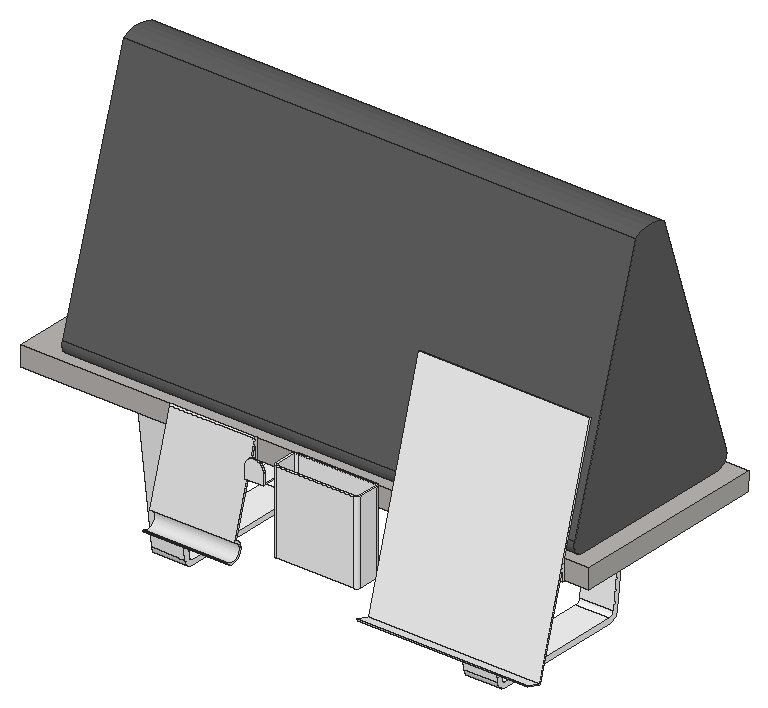
Revit family "Storage-Mounted-Teknion-JNMES-Elevated_Desk_Shelf-R20161", category Furniture, Revit 2016
Family settings
  OmniClass Number = 23.40.20.00
  OmniClass Title = General Furniture and Specialties
  Work Plane-Based = No
  Always vertical = Yes
  Cut with Voids When Loaded = No
  Shared = Yes
  Room Calculation Point = No
Parameters (values of type "Angled, 7" High")
  Width of Tackable Felt Unit [instance] = 27.000"
  Width [instance] = 30.000"
  Warranty = "http://www.teknion.com/ca/papers/legal-canada"
  Unit Weight URL = "http://www.teknion.com/ca/tools/assets#&asset=bee6a381-b954-425e-8283-5a2de3a804f2,f828d448-4b62-4231-9e5f-9a8991c0ed77"
  URL = "www.teknion.com"
  Tackable Felt Unit Offset from Left Side [instance] = 2.000"
  Tackable Felt Unit - Available Widths [instance] = "27, 36, 42 inches."  # constant formula
  Tablet Holder Offset from Left Side [instance] = 19.6875"
  Sustainability Data = "http://www.teknion.com/ca/tools/assets#&topic=216f99a5-57a0-44fc-b10a-9dee9b29ae4c&asset=444deb64-fe58-4b68-981e-f75e97781df7"
  Support Frame Finish [instance] = Mica - Teknion - V - Satin - Very White
  Shelf Finish [instance] = Source Laminate - Teknion - XS - Storm White
  Shelf - Available Widths [instance] = "Available Widths range from 30 to 84 inches in 6 inch increments."  # constant formula
  Series = "Expansion Cityline"  # constant formula
  Product Page URL = "http://www.teknion.com/ca/products/product-details?productlineid=9ad2a26e-8e7a-673b-a6c8-ff05004460c4"
  Product Line = "Expansion Cityline"  # constant formula
  Product Documentation Link = "http://www.teknion.com/pricing/expansion-cityline/pdfs/JNMES_ppg.pdf"
  Pencil Cup Holder Offset from Left Side [instance] = 14.500"
  Part Number = "JNMES"  # constant formula
  Notepad Offset from Left Side [instance] = 8.000"
  Notepad Finish [instance] = Plastic-Teknion-Whiteboard
  Shelf - Available Depths [instance] = "Available Depths are 11 and 16 inches."  # constant formula
  Model = "JNMESA07__"
  Manufacturer Phone = "416-661-3370"  # constant formula
  Manufacturer Fax = "416.661.4586"  # constant formula
  Manufacturer Contact Information = "http://www.teknion.com/ca/contactus"
  Manufacturer Address = "1150 Flint Road, Toronto, ON. M3J 2J5. Canada"  # constant formula
  Manufacturer = "Teknion"  # constant formula
  Has Tackable Felt Unit [instance] = yes
  Has Side B Tablet Holder [instance] = no
  Has Side B Pencil Holder [instance] = no
  Has Side B Notepad [instance] = no
  Has Side B Earphone Hook [instance] = no
  Has Side A Notepad [instance] = yes
  Height [instance] = 37.486"
  Has Side A Tablet Holder [instance] = yes
  Has Side A Pencil Holder [instance] = yes
  Has Side A Earphone Hook [instance] = yes
  Felt Finish [instance] = Fabric-Teknion-RB11-Carbon
  Earphone Hook Offset from Left Side [instance] = 13.000"
  Description = "Elevated Desk Shelf, Angled, 7\" Height"
  Depth [instance] = 11.000"
  Assembly Code = "E2020200"
  Actual Depth [instance] = Depth - 0.500"  # 10.500"
  Accessory Finish [instance] = Mica - Teknion - V - Satin - Very White
Reference planes (in)
  plane 1 "Center Front/Back": y = -7.83798
  plane 2: z = 0
  plane 3 "Center Left/Right": x = -11.56455
  plane 4 "Left": x = 3.43545
  plane 5 "Right": x = -26.56455
  plane 6 "Back": y = -13.08798
  plane 7 "Front": y = -2.58798
  plane 8 "Top": z = 37.486
  plane 9: z = 29.00025
  plane 10: x = -20.70038
  plane 11: x = -2.42873
  plane 12: x = -18.92873
  plane 13: x = -4.20038
  plane 14: x = -18.56455
  plane 15: x = -14.10392
  plane 16: x = -6.87705
  plane 17: x = 2.12295
  plane 18: x = -13.56455
  plane 19: x = -12.56455
  plane 20: x = -12.56455
  plane 21: x = -13.56455
Forms (in)
  Extrusion 1, solid, material "Source Laminate - Teknion - XS - Storm White" <- "Shelf Finish"
    sketch origin (-11.56455, -7.83798, 37.486) x (1, 0, 0) y (0, 1, 0)
      loop
        line (15, -5.25) -> (15, 5.25) -> (-15, 5.25) -> (-15, -5.25) -> (15, -5.25)
    from 0 to -1.01575
  Extrusion 2, solid, material "Mica - Teknion - V - Satin - Very White" <- "Support Frame Finish"
    sketch origin (-11.56455, 0, 0) x (0, -1, 0) y (0, 0, 1)
      loop
        line (12.63907, 36.47025) -> (3.03689, 36.47025) -> (3.90166, 29.42722)
        arc (3.90166, 29.42722) -> (4.06208, 29.12231) -> (4.38426, 29.00025) r 0.48622
        line (4.38426, 29.00025) -> (11.29169, 29.00025)
        arc (11.29169, 29.00025) -> (11.61387, 29.12231) -> (11.77429, 29.42722) r 0.48622
        line (11.77429, 29.42722) -> (12.63907, 36.47025)
      loop
        line (11.52764, 29.46978) -> (12.37269, 36.35214) -> (3.30327, 36.35214) -> (4.14831, 29.46978)
        arc (4.14831, 29.46978) -> (4.2308, 29.31301) -> (4.39645, 29.25025) r 0.25
        line (4.39645, 29.25025) -> (11.2795, 29.25025)
        arc (11.2795, 29.25025) -> (11.44516, 29.31301) -> (11.52764, 29.46978) r 0.25
    from 7.36417 to 9.13583
  Extrusion 3, solid, material "Mica - Teknion - V - Satin - Very White" <- "Support Frame Finish"
    sketch origin (-11.56455, -7.83798, 0) x (0, -1, 0) y (0, 0, -1)
      loop
        line (4.80109, -36.47025) -> (3.93631, -29.42722)
        arc (3.93631, -29.42722) -> (3.7759, -29.12231) -> (3.45372, -29.00025) r 0.48622
        line (3.45372, -29.00025) -> (-3.45372, -29.00025)
        arc (-3.45372, -29.00025) -> (-3.7759, -29.12231) -> (-3.93631, -29.42722) r 0.48622
        line (-3.93631, -29.42722) -> (-4.80109, -36.47025) -> (4.80109, -36.47025)
      loop
        arc (3.68966, -29.46978) -> (3.60718, -29.31301) -> (3.44153, -29.25025) r 0.25
        line (3.44153, -29.25025) -> (-3.44153, -29.25025)
        arc (-3.44153, -29.25025) -> (-3.60718, -29.31301) -> (-3.68966, -29.46978) r 0.25
        line (-3.68966, -29.46978) -> (-4.53471, -36.35214) -> (4.53471, -36.35214) -> (3.68966, -29.46978)
    from 7.36417 to 9.13583
  Extrusion 4, solid, material "Fabric-Teknion-RB11-Carbon" <- "Felt Finish", visible <- "Has Tackable Felt Unit"
    sketch origin (-20.70038, -3.03689, 48) x (0, 1, 0) y (0, 0, 1)
      loop
        arc (-9.77273, -9.74264) -> (-9.68778, -10.27128) -> (-9.21054, -10.514) r 0.59055
        line (-9.21054, -10.514) -> (-0.33917, -10.514)
        arc (-0.33917, -10.514) -> (0.13873, -10.27038) -> (0.22233, -9.74051) r 0.59055
        line (0.22233, -9.74051) -> (-3.87836, 2.84621)
        arc (-3.87836, 2.84621) -> (-4.81073, 3.05969) -> (-5.73478, 2.81268) r 1.98638
        line (-5.73478, 2.81268) -> (-9.77273, -9.74264)
    from 23.13583 to -3.86417
  Extrusion 5, solid, material "Plastic-Teknion-Whiteboard" <- "Notepad Finish", visible <- "Has Side A Notepad"
    sketch origin (-11.56455, 0, 0) x (0, -1, 0) y (0, 0, 1)
      loop
        line (11.58798, 36.47025) -> (11.58798, 36.39545) -> (13.16278, 36.39545) -> (13.16278, 37.486) -> (14.44362, 33.21674)
        arc (14.44362, 33.21674) -> (14.23145, 32.45641) -> (15.01538, 32.36389) r 0.51959
        line (15.01538, 32.36389) -> (14.96466, 32.41887)
        arc (14.96466, 32.41887) -> (14.27667, 32.52537) -> (14.53521, 33.17177) r 0.44478
        line (14.53521, 33.17177) -> (13.23443, 37.5075)
        arc (13.23443, 37.5075) -> (13.15192, 37.56001) -> (13.08798, 37.486) r 0.0748
        line (13.08798, 37.486) -> (13.08798, 36.47025) -> (11.58798, 36.47025)
    from 2.53937 to 7
  Extrusion 6, solid, material "Mica - Teknion - V - Satin - Very White" <- "Accessory Finish", visible <- "Has Side A Tablet Holder"
    sketch origin (-11.56455, 0, 0) x (0, -1, 0) y (0, 0, 1)
      loop
        line (13.16278, 36.39545) -> (13.16278, 37.23667) -> (14.67151, 32.20782) -> (15.46341, 32.4454) -> (15.4849, 32.51705) -> (14.72166, 32.30096) -> (11.39439, 43.39134) -> (11.32274, 43.36984) -> (13.08798, 37.486) -> (13.08798, 36.47025) -> (11.58798, 36.47025) -> (11.58798, 36.39545) -> (13.16278, 36.39545)
    from -13.6875 to -4.6875
  Extrusion 7, solid, material "Mica - Teknion - V - Satin - Very White" <- "Accessory Finish", visible <- "Has Side A Pencil Holder"
    sketch origin (-11.56455, -7.83798, 37.48575) x (1, 0, 0) y (0, 1, 0)
      loop
        arc (3.76378, -6.63189) -> (3.85008, -6.59614) -> (3.88583, -6.50984) r 0.12205
        line (3.88583, -6.50984) -> (3.88583, -5.44685)
        arc (3.88583, -5.44685) -> (3.85008, -5.36055) -> (3.76378, -5.3248) r 0.12205
        line (3.76378, -5.3248) -> (-0.30315, -5.3248)
        arc (-0.30315, -5.3248) -> (-0.38945, -5.36055) -> (-0.4252, -5.44685) r 0.12205
        line (-0.4252, -5.44685) -> (-0.4252, -6.50984)
        arc (-0.4252, -6.50984) -> (-0.38945, -6.59614) -> (-0.30315, -6.63189) r 0.12205
        line (-0.30315, -6.63189) -> (3.76378, -6.63189)
      loop
        line (-0.30315, -6.70669) -> (3.76378, -6.70669)
        arc (3.76378, -6.70669) -> (3.90297, -6.64904) -> (3.96063, -6.50984) r 0.19685
        line (3.96063, -6.50984) -> (3.96063, -5.44685)
        arc (3.96063, -5.44685) -> (3.90297, -5.30766) -> (3.76378, -5.25) r 0.19685
        line (3.76378, -5.25) -> (-0.30315, -5.25)
        arc (-0.30315, -5.25) -> (-0.44234, -5.30766) -> (-0.5, -5.44685) r 0.19685
        line (-0.5, -5.44685) -> (-0.5, -6.50984)
        arc (-0.5, -6.50984) -> (-0.44234, -6.64904) -> (-0.30315, -6.70669) r 0.19685
    from -4.25172 to 0.07899
  Extrusion 8, solid, material "Mica - Teknion - V - Satin - Very White" <- "Accessory Finish", visible <- "Has Side B Pencil Holder"
    sketch origin (-11.56455, -7.83798, 37.48575) x (1, 0, 0) y (0, 1, 0)
      loop
        line (3.76378, 6.63189) -> (-0.30315, 6.63189)
        arc (-0.30315, 6.63189) -> (-0.38945, 6.59614) -> (-0.4252, 6.50984) r 0.12205
        line (-0.4252, 6.50984) -> (-0.4252, 5.44685)
        arc (-0.4252, 5.44685) -> (-0.38945, 5.36055) -> (-0.30315, 5.3248) r 0.12205
        line (-0.30315, 5.3248) -> (3.76378, 5.3248)
        arc (3.76378, 5.3248) -> (3.85008, 5.36055) -> (3.88583, 5.44685) r 0.12205
        line (3.88583, 5.44685) -> (3.88583, 6.50984)
        arc (3.88583, 6.50984) -> (3.85008, 6.59614) -> (3.76378, 6.63189) r 0.12205
      loop
        arc (-0.30315, 6.70669) -> (-0.44234, 6.64904) -> (-0.5, 6.50984) r 0.19685
        line (-0.5, 6.50984) -> (-0.5, 5.44685)
        arc (-0.5, 5.44685) -> (-0.44234, 5.30766) -> (-0.30315, 5.25) r 0.19685
        line (-0.30315, 5.25) -> (3.76378, 5.25)
        arc (3.76378, 5.25) -> (3.90297, 5.30766) -> (3.96063, 5.44685) r 0.19685
        line (3.96063, 5.44685) -> (3.96063, 6.50984)
        arc (3.96063, 6.50984) -> (3.90297, 6.64904) -> (3.76378, 6.70669) r 0.19685
        line (3.76378, 6.70669) -> (-0.30315, 6.70669)
    from -4.25172 to 0.07899
  Extrusion 9, solid, material "Mica - Teknion - V - Satin - Very White" <- "Accessory Finish", visible <- "Has Side B Tablet Holder"
    sketch origin (-11.56455, -15.67595, 0) x (0, 1, 0) y (0, 0, -1)
      loop
        line (13.16278, -36.39545) -> (11.58798, -36.39545) -> (11.58798, -36.47025) -> (13.08798, -36.47025) -> (13.08798, -37.486) -> (11.32274, -43.36984) -> (11.39439, -43.39134) -> (14.72166, -32.30096) -> (15.4849, -32.51705) -> (15.46341, -32.4454) -> (14.67151, -32.20782) -> (13.16278, -37.23667) -> (13.16278, -36.39545)
    from -13.6875 to -4.6875
  Extrusion 10, solid, material "Plastic-Teknion-Whiteboard" <- "Notepad Finish", visible <- "Has Side B Notepad"
    sketch origin (-11.56455, -15.67595, 0) x (0, 1, 0) y (0, 0, -1)
      loop
        line (11.58798, -36.47025) -> (13.08798, -36.47025) -> (13.08798, -37.486)
        arc (13.08798, -37.486) -> (13.15192, -37.56001) -> (13.23443, -37.5075) r 0.0748
        line (13.23443, -37.5075) -> (14.53521, -33.17177)
        arc (14.53521, -33.17177) -> (14.27667, -32.52537) -> (14.96466, -32.41887) r 0.44478
        line (14.96466, -32.41887) -> (15.01538, -32.36389)
        arc (15.01538, -32.36389) -> (14.23145, -32.45641) -> (14.44362, -33.21674) r 0.51959
        line (14.44362, -33.21674) -> (13.16278, -37.486) -> (13.16278, -36.39545) -> (11.58798, -36.39545) -> (11.58798, -36.47025)
    from 2.53937 to 7
  Sweep 11, solid, material "Mica - Teknion - V - Satin - Very White" <- "Accessory Finish", visible <- "Has Side B Earphone Hook"
    path origin (0, -7.83798, 0) x (-1, 0, 0) y (0, 0, 1)
      loop
        line (13.69839, 36.39545) -> (13.69839, 36.47025)
    profile origin (-13.69839, -7.83798, 36.43285) x (1, 0, 0) y (0, 1, 0)
      loop
        line (0.13384, 6.63189) -> (0.13384, 3.75394) -> (1.13384, 3.75394) -> (1.13384, 6.63189) -> (0.13384, 6.63189)
  Sweep 12, solid, material "Mica - Teknion - V - Satin - Very White" <- "Accessory Finish", visible <- "Has Side B Earphone Hook"
    path origin (0, 0, 37.48575) x (-1, 0, 0) y (0, -1, 0)
      loop
        line (13.56455, 1.13128) -> (13.56455, 1.20609)
    profile origin (-13.56455, -1.16869, 37.48575) x (1, 0, 0) y (0, 0, 1)
      loop
        line (1, -1.0903) -> (1, -0.49975)
        arc (1, -0.49975) -> (0.5, 0.00025) -> (0, -0.49975) r 0.5
        line (0, -0.49975) -> (0, -1.0903) -> (1, -1.0903)
  Sweep 13, solid, material "Mica - Teknion - V - Satin - Very White" <- "Accessory Finish", visible <- "Has Side A Earphone Hook"
    path origin (0, -6.29861, 0) x (-1, 0, 0) y (0, 0, 1)
      loop
        line (13.69839, 36.39545) -> (13.69839, 36.47025)
    profile origin (-13.69839, -6.29861, 36.43285) x (1, 0, 0) y (0, 1, 0)
      loop
        line (0.13384, -8.17126) -> (1.13384, -8.17126) -> (1.13384, -5.29331) -> (0.13384, -5.29331) -> (0.13384, -8.17126)
  Sweep 14, solid, material "Mica - Teknion - V - Satin - Very White" <- "Accessory Finish", visible <- "Has Side A Earphone Hook"
    path origin (0, 1.53937, 37.48575) x (-1, 0, 0) y (0, -1, 0)
      loop
        line (13.56455, 16.00924) -> (13.56455, 16.08404)
    profile origin (-13.56455, -14.50727, 37.48575) x (1, 0, 0) y (0, 0, 1)
      loop
        line (1, -1.0903) -> (1, -0.49975)
        arc (1, -0.49975) -> (0.5, 0.00025) -> (0, -0.49975) r 0.5
        line (0, -0.49975) -> (0, -1.0903) -> (1, -1.0903)
Lines and regions (in)
  Masking region 1
    outline origin (0, 0, 37.486) x (-1, 0, 0) y (0, -1, 0)
      loop
        line (26.56455, 13.08798) -> (-3.43545, 13.08798) -> (-3.43545, 2.58798) -> (26.56455, 2.58798) -> (26.56455, 13.08798)
  Masking region 2, visible <- "Has Tackable Felt Unit"
    outline origin (0, 0, 37.486) x (-1, 0, 0) y (0, -1, 0)
      loop
        line (24.56455, 2.78551) -> (24.56455, 12.83798) -> (-2.43545, 12.83798) -> (-2.43545, 2.78551) -> (24.56455, 2.78551)
  Masking region 3, detail levels medium+fine
    outline origin (0, 0, 37.486) x (-1, 0, 0) y (0, -1, 0)
      loop
        line (20.70038, 3.03689) -> (20.70038, 12.63907) -> (18.92873, 12.63907) -> (18.92873, 3.03689) -> (20.70038, 3.03689)
      loop
        line (4.20038, 3.03689) -> (4.20038, 12.63907) -> (2.42873, 12.63907) -> (2.42873, 3.03689) -> (4.20038, 3.03689)
  Masking region 4, visible <- "Has Side A Pencil Holder"
    outline origin (0, 0, 37.486) x (-1, 0, 0) y (0, -1, 0)
      loop
        line (11.8677, 14.54467) -> (7.80077, 14.54467)
        arc (7.80077, 14.54467) -> (7.66158, 14.48701) -> (7.60392, 14.34782) r 0.19685
        line (7.60392, 14.34782) -> (7.60392, 13.28483)
        arc (7.60392, 13.28483) -> (7.66158, 13.14563) -> (7.80077, 13.08798) r 0.19685
        line (7.80077, 13.08798) -> (11.8677, 13.08798)
        arc (11.8677, 13.08798) -> (12.0069, 13.14563) -> (12.06455, 13.28483) r 0.19685
        line (12.06455, 13.28483) -> (12.06455, 14.34782)
        arc (12.06455, 14.34782) -> (12.0069, 14.48701) -> (11.8677, 14.54467) r 0.19685
      loop
        arc (7.80077, 14.46987) -> (7.71447, 14.43412) -> (7.67873, 14.34782) r 0.12205
        line (7.67873, 14.34782) -> (7.67873, 13.28483)
        arc (7.67873, 13.28483) -> (7.71447, 13.19853) -> (7.80077, 13.16278) r 0.12205
        line (7.80077, 13.16278) -> (11.8677, 13.16278)
        arc (11.8677, 13.16278) -> (11.954, 13.19853) -> (11.98975, 13.28483) r 0.12205
        line (11.98975, 13.28483) -> (11.98975, 14.34782)
        arc (11.98975, 14.34782) -> (11.954, 14.43412) -> (11.8677, 14.46987) r 0.12205
        line (11.8677, 14.46987) -> (7.80077, 14.46987)
  Masking region 5, visible <- "Has Side A Notepad"
    outline origin (0, 0, 37.486) x (-1, 0, 0) y (0, -1, 0)
      loop
        line (14.10392, 15.01538) -> (14.10392, 13.08798) -> (18.56455, 13.08798) -> (18.56455, 15.01538) -> (14.10392, 15.01538)
  Masking region 6, visible <- "Has Side A Tablet Holder"
    outline origin (0, 0, 37.486) x (-1, 0, 0) y (0, -1, 0)
      loop
        line (-2.12295, 13.08798) -> (6.87705, 13.08798) -> (6.87705, 15.4849) -> (-2.12295, 15.4849) -> (-2.12295, 13.08798)
  Masking region 7, visible <- "Has Side B Pencil Holder"
    outline origin (0, -15.67595, 37.486) x (0, 1, 0) y (-1, 0, 0)
      loop
        arc (14.54467, 11.8677) -> (14.48701, 12.0069) -> (14.34782, 12.06455) r 0.19685
        line (14.34782, 12.06455) -> (13.28483, 12.06455)
        arc (13.28483, 12.06455) -> (13.14563, 12.0069) -> (13.08798, 11.8677) r 0.19685
        line (13.08798, 11.8677) -> (13.08798, 7.80077)
        arc (13.08798, 7.80077) -> (13.14563, 7.66158) -> (13.28483, 7.60392) r 0.19685
        line (13.28483, 7.60392) -> (14.34782, 7.60392)
        arc (14.34782, 7.60392) -> (14.48701, 7.66158) -> (14.54467, 7.80077) r 0.19685
        line (14.54467, 7.80077) -> (14.54467, 11.8677)
      loop
        line (14.46987, 7.80077) -> (14.46987, 11.8677)
        arc (14.46987, 11.8677) -> (14.43412, 11.954) -> (14.34782, 11.98975) r 0.12205
        line (14.34782, 11.98975) -> (13.28483, 11.98975)
        arc (13.28483, 11.98975) -> (13.19853, 11.954) -> (13.16278, 11.8677) r 0.12205
        line (13.16278, 11.8677) -> (13.16278, 7.80077)
        arc (13.16278, 7.80077) -> (13.19853, 7.71447) -> (13.28483, 7.67873) r 0.12205
        line (13.28483, 7.67873) -> (14.34782, 7.67873)
        arc (14.34782, 7.67873) -> (14.43412, 7.71447) -> (14.46987, 7.80077) r 0.12205
  Masking region 8, visible <- "Has Side B Notepad"
    outline origin (0, -15.67595, 37.486) x (0, 1, 0) y (-1, 0, 0)
      loop
        line (15.01538, 14.10392) -> (15.01538, 18.56455) -> (13.08798, 18.56455) -> (13.08798, 14.10392) -> (15.01538, 14.10392)
  Masking region 9, visible <- "Has Side B Tablet Holder"
    outline origin (0, -15.67595, 37.486) x (0, 1, 0) y (-1, 0, 0)
      loop
        line (13.08798, -2.12295) -> (15.4849, -2.12295) -> (15.4849, 6.87705) -> (13.08798, 6.87705) -> (13.08798, -2.12295)
  Masking region 10, visible <- "Has Side B Earphone Hook"
    outline origin (0, 0, 37.486) x (-1, 0, 0) y (0, -1, 0)
      loop
        line (12.56455, 2.58798) -> (12.56455, 1.13128) -> (13.56455, 1.13128) -> (13.56455, 2.58798) -> (12.56455, 2.58798)
  Masking region 11, visible <- "Has Side A Earphone Hook"
    outline origin (0, -15.67595, 37.486) x (0, 1, 0) y (-1, 0, 0)
      loop
        line (2.58798, 12.56455) -> (2.58798, 13.56455) -> (1.13128, 13.56455) -> (1.13128, 12.56455) -> (2.58798, 12.56455)
  symbolic lines, style "FurnitureHiddenLines", visible <- "Has Side A Notepad", detail levels fine
    curve 1: line (-18.56455, -11.58798, 37.486) -> (-18.56455, -13.08798, 37.486)
    curve 2: line (-14.10392, -11.58798, 37.486) -> (-18.56455, -11.58798, 37.486)
    curve 3: line (-14.10392, -13.08798, 37.486) -> (-14.10392, -11.58798, 37.486)
  symbolic lines, style "FurnitureHiddenLines", visible <- "Has Side A Tablet Holder", detail levels fine
    curve 4: line (2.12295, -11.32274, 37.486) -> (-6.87705, -11.32274, 37.486)
    curve 5: line (-6.87705, -13.08712, 37.486) -> (-6.87705, -11.32274, 37.486)
    curve 6: line (2.12295, -13.08793, 37.486) -> (2.12295, -11.32274, 37.486)
  reference lines, not visible
    curve 7: line (-26.56455, -13.08798, 0) -> (-26.56455, -2.58798, 0)
    curve 8: line (3.43545, -2.58798, 0) -> (-26.56455, -2.58798, 0)
    curve 9: line (3.43545, -13.08798, 0) -> (3.43545, -2.58798, 0)
    curve 10: line (3.43545, -13.08798, 0) -> (-26.56455, -13.08798, 0)
  symbolic lines, style "FurnitureHiddenLines", visible <- "Has Side B Notepad", detail levels fine
    curve 11: line (-18.56455, -4.08798, 37.486) -> (-18.56455, -2.58798, 37.486)
    curve 12: line (-14.10392, -4.08798, 37.486) -> (-18.56455, -4.08798, 37.486)
    curve 13: line (-14.10392, -2.58798, 37.486) -> (-14.10392, -4.08798, 37.486)
  symbolic lines, style "FurnitureHiddenLines", visible <- "Has Side B Tablet Holder", detail levels fine
    curve 14: line (2.12295, -4.35321, 37.486) -> (-6.87705, -4.35321, 37.486)
    curve 15: line (-6.87705, -2.58883, 37.486) -> (-6.87705, -4.35321, 37.486)
    curve 16: line (2.12295, -2.58802, 37.486) -> (2.12295, -4.35321, 37.486)
  symbolic lines, style "FurnitureHiddenLines", visible <- "Has Side B Earphone Hook", detail levels fine
    curve 17: line (-13.56455, -2.58798, 37.486) -> (-13.56455, -4.08404, 37.486)
    curve 18: line (-13.56455, -4.08404, 37.486) -> (-12.56455, -4.08404, 37.486)
    curve 19: line (-12.56455, -4.08404, 37.486) -> (-12.56455, -2.58798, 37.486)
  symbolic lines, visible <- "Has Side B Earphone Hook", detail levels fine
    curve 20: line (-13.56455, -1.20609, 37.486) -> (-12.56455, -1.20609, 37.486)
  symbolic lines, style "FurnitureHiddenLines", visible <- "Has Side A Earphone Hook", detail levels fine
    curve 21: line (-13.56455, -13.08798, 37.486) -> (-13.56455, -11.59191, 37.486)
    curve 22: line (-13.56455, -11.59191, 37.486) -> (-12.56455, -11.59191, 37.486)
    curve 23: line (-12.56455, -11.59191, 37.486) -> (-12.56455, -13.08798, 37.486)
  symbolic lines, visible <- "Has Side A Earphone Hook", detail levels fine
    curve 24: line (-13.56455, -14.46987, 37.486) -> (-12.56455, -14.46987, 37.486)
Dimensions and locks (in)
  "Width": plane 4 "Left" to plane 5 "Right"
  "Actual Depth": plane 6 "Back" to plane 7 "Front"
  "Height": plane 8 "Top" to level
  equal spacing: plane 6 "Back", plane 1 "Center Front/Back", plane 7 "Front"
  equal spacing: plane 4 "Left", plane 3 "Center Left/Right", plane 5 "Right"
  locked: plane 8 "Top" to Extrusion 1 at 1.01575
  locked: plane 9 to plane 8 "Top" at 8.48575
  plane 8 "Top" to Extrusion 2 sketch curve to Extrusion 2 sketch curve to Extrusion 2 sketch curve to Extrusion 2 sketch curve = 1.01575" locked, 0.11811" locked, 7.10189" locked, 0.250" locked
  plane 6 "Back" to Extrusion 2 sketch curve to Extrusion 2 sketch curve to Extrusion 2 sketch curve to Extrusion 2 sketch curve = 0.44891" locked, 0.26638" locked, 1.08099" locked, 0.01219" locked
  Extrusion 2 sketch curve to Extrusion 2 sketch curve to Extrusion 2 sketch curve to Extrusion 2 sketch curve to plane 7 "Front" = 0.01219" locked, 1.08099" locked, 0.26638" locked, 0.44891" locked
  Extrusion 3 sketch curve to Extrusion 3 sketch curve to Extrusion 3 sketch curve to Extrusion 3 sketch curve = 0.250" locked, 7.10189" locked, 0.11811" locked
  plane 6 "Back" to Extrusion 3 sketch curve to Extrusion 3 sketch curve to Extrusion 3 sketch curve to Extrusion 3 sketch curve = 0.44891" locked, 0.26638" locked, 1.08099" locked, 0.01219" locked
  Extrusion 3 sketch curve to Extrusion 3 sketch curve to Extrusion 3 sketch curve to Extrusion 3 sketch curve to plane 7 "Front" = 0.01219" locked, 1.08099" locked, 0.26638" locked, 0.44891" locked
  plane 4 "Left" to plane 11 to plane 13 = 5.86417" locked, 1.77165" locked
  plane 12 to plane 10 to plane 5 "Right" = 1.77165" locked, 5.86417" locked
  locked: Extrusion 2 sketch curve to Extrusion 2 sketch curve at 0.25  (x2)
  locked: Extrusion 3 sketch curve to Extrusion 3 sketch curve at 0.25  (x2)
  plane 6 "Back" to Extrusion 4 sketch curve to Extrusion 4 sketch curve to Extrusion 4 sketch curve to Extrusion 4 sketch curve to Extrusion 4 sketch curve to Extrusion 4 sketch curve to Extrusion 4 sketch curve to Extrusion 4 sketch curve to Extrusion 4 sketch curve = 0.27836" locked, 0.56219" locked, 0.000" locked, 3.47576" locked, 0.95992" locked, 0.8965" locked, 3.53919" locked, 0.000" locked, 0.5615" locked
  Extrusion 5 sketch curve to Extrusion 5 sketch curve to Extrusion 5 sketch curve to Extrusion 5 sketch curve to Extrusion 5 sketch curve to Extrusion 5 sketch curve to Extrusion 5 sketch curve to Extrusion 5 sketch curve to Extrusion 5 sketch curve to plane 6 "Back" = 0.05073" locked, 0.30163" locked, 0.000" locked, 0.12781" locked, 0.09159" locked, 1.28084" locked, 0.000" locked, 0.0748" locked, 0.000" locked
  plane 8 "Top" to Extrusion 5 sketch curve to Extrusion 5 sketch curve to Extrusion 5 sketch curve to Extrusion 5 sketch curve to Extrusion 5 sketch curve to Extrusion 5 sketch curve to Extrusion 5 sketch curve = 0.000" locked, 1.01575" locked, 0.0748" locked, 3.17871" locked, 0.04497" locked, 0.42602" locked, 0.000" locked
  Extrusion 6 sketch curve to Extrusion 6 sketch curve to Extrusion 6 sketch curve to Extrusion 6 sketch curve to Extrusion 6 sketch curve to Extrusion 6 sketch curve to Extrusion 6 sketch curve to Extrusion 6 sketch curve to plane 6 "Back" to Extrusion 6 sketch curve to Extrusion 6 sketch curve to Extrusion 6 sketch curve to Extrusion 6 sketch curve = 0.0215" locked, 0.74175" locked, 0.05015" locked, 1.50873" locked, 0.000" locked, 0.0748" locked, 0.000" locked, 0.000" locked, 1.500" locked, 0.000" locked, 0.19359" locked, 0.07165" locked
  Extrusion 6 sketch curve to Extrusion 6 sketch curve to plane 8 "Top" to Extrusion 6 sketch curve to Extrusion 6 sketch curve to Extrusion 6 sketch curve to Extrusion 6 sketch curve to Extrusion 6 sketch curve to Extrusion 6 sketch curve to Extrusion 6 sketch curve to Extrusion 6 sketch curve = 0.0215" locked, 5.88384" locked, 0.000" locked, 0.24933" locked, 0.76642" locked, 0.0748" locked, 3.8784" locked, 0.07165" locked, 0.14444" locked, 0.09314" locked
  Extrusion 7 sketch curve to Extrusion 7 sketch curve to Extrusion 7 sketch curve to Extrusion 7 sketch curve to Extrusion 7 sketch curve to Extrusion 7 sketch curve to Extrusion 7 sketch curve to plane 6 "Back" = 0.000" locked, 0.000" locked, 1.06299" locked, 0.000" locked, 0.000" locked, 0.000" locked, 0.19685" locked
  locked: plane 15 to plane 14 at 4.46063
  locked: plane 17 to plane 16 at 9
  Extrusion 7 to plane 8 "Top" to Extrusion 7 = 0.07874" locked, 4.25197" locked
  Extrusion 4 sketch curve to Extrusion 4 sketch curve to Extrusion 4 sketch curve to plane 8 "Top" = 10.99708" locked, 0.000" locked, 0.59055" locked
  locked: Extrusion 4 sketch curve to Extrusion 4 sketch curve at 1.85672
  locked: Extrusion 5 to plane 6 "Back" at 1.5
  "Width of Tackable Felt Unit": Extrusion 4 to Extrusion 4
  "Tackable Felt Unit Offset from Left Side": plane 5 "Right" to Extrusion 4
  locked: Masking region 2 sketch curve to Masking region 2 sketch curve at 10.05247
  Extrusion 8 to Extrusion 8 = 4.33071"
  Extrusion 8 sketch curve to Extrusion 8 sketch curve to Extrusion 8 sketch curve to Extrusion 8 sketch curve to Extrusion 8 sketch curve to Extrusion 8 sketch curve to Extrusion 8 sketch curve to plane 7 "Front" = 0.000" locked, 0.000" locked, 1.06299" locked, 0.000" locked, 0.000" locked, 0.000" locked, 0.19685" locked
  Extrusion 7 sketch curve to Extrusion 7 sketch curve to Extrusion 7 sketch curve to Extrusion 7 sketch curve to Extrusion 7 sketch curve to Extrusion 7 sketch curve to Extrusion 7 sketch curve to Extrusion 7 sketch curve to Extrusion 7 sketch curve to Extrusion 7 sketch curve to Extrusion 7 sketch curve to Extrusion 7 sketch curve = 0.0748" locked, 0.12205" locked, 0.000" locked, 0.000" locked, 0.000" locked, 4.06693" locked, 0.000" locked, 0.000" locked, 0.000" locked, 0.12205" locked, 0.0748" locked
  "Pencil Cup Holder Offset from Left Side": plane 5 "Right" to Extrusion 8 sketch curve
  Extrusion 8 sketch curve to Extrusion 8 sketch curve to Extrusion 8 sketch curve to Extrusion 8 sketch curve to Extrusion 8 sketch curve to Extrusion 8 sketch curve to Extrusion 8 sketch curve to Extrusion 8 sketch curve to Extrusion 8 sketch curve to Extrusion 8 sketch curve to Extrusion 8 sketch curve to Extrusion 8 sketch curve = 0.0748" locked, 0.12205" locked, 0.000" locked, 0.000" locked, 0.000" locked, 4.06693" locked, 0.000" locked, 0.000" locked, 0.000" locked, 0.12205" locked, 0.0748" locked
  Extrusion 9 sketch curve to Extrusion 9 sketch curve to Extrusion 9 sketch curve to Extrusion 9 sketch curve to Extrusion 9 sketch curve to Extrusion 9 sketch curve to Extrusion 9 sketch curve to Extrusion 9 sketch curve to plane 7 "Front" to Extrusion 9 sketch curve to Extrusion 9 sketch curve to Extrusion 9 sketch curve to Extrusion 9 sketch curve = 0.0215" locked, 0.74175" locked, 0.05015" locked, 1.50873" locked, 0.000" locked, 0.0748" locked, 0.000" locked, 0.000" locked, 1.500" locked, 0.000" locked, 0.19359" locked, 0.07165" locked
  Extrusion 9 sketch curve to Extrusion 9 sketch curve to Extrusion 9 sketch curve to plane 8 "Top" to Extrusion 9 sketch curve to Extrusion 9 sketch curve to Extrusion 9 sketch curve to Extrusion 9 sketch curve to Extrusion 9 sketch curve to Extrusion 9 sketch curve to Extrusion 9 sketch curve = 0.0215" locked, 5.88384" locked, 0.000" locked, 0.24933" locked, 0.76642" locked, 0.0748" locked, 3.8784" locked, 0.07165" locked, 0.14444" locked, 0.09314" locked
  locked: Extrusion 7 to plane 8 "Top" at 0.07874
  locked: Extrusion 8 to plane 8 "Top" at 0.07874
  locked: plane 8 "Top" to Extrusion 7 at 4.25197
  locked: Extrusion 8 to plane 8 "Top" at 4.25197
  Extrusion 10 sketch curve to Extrusion 10 sketch curve to Extrusion 10 sketch curve to Extrusion 10 sketch curve to Extrusion 10 sketch curve to Extrusion 10 sketch curve to Extrusion 10 sketch curve to Extrusion 10 sketch curve to Extrusion 10 sketch curve to plane 7 "Front" = 0.05073" locked, 0.30163" locked, 0.000" locked, 0.12781" locked, 0.09159" locked, 1.28084" locked, 0.000" locked, 0.0748" locked, 0.000" locked
  Extrusion 10 sketch curve to plane 8 "Top" to Extrusion 10 sketch curve to Extrusion 10 sketch curve to Extrusion 10 sketch curve to Extrusion 10 sketch curve to Extrusion 10 sketch curve to Extrusion 10 sketch curve = 0.000" locked, 1.01575" locked, 0.0748" locked, 3.17871" locked, 0.04497" locked, 0.42602" locked, 0.000" locked
  locked: Extrusion 1 to Sweep 11 sketch curve at 0.0748
  Sweep 11 sketch curve to plane 7 "Front" to Sweep 11 sketch curve = 1.49606" locked, 1.38189" locked
  locked: Sweep 12 sketch curve to Sweep 11 at 0.0748
  profile plane to plane 4 "Left" = 17.000"  (x2)
  profile plane to Sweep 12 sketch curve to Sweep 12 sketch curve = 0.500" locked, 0.500" locked
  Sweep 13 sketch curve to plane 6 "Back" to Sweep 13 sketch curve = 1.38189" locked, 1.49606" locked
  profile plane to Sweep 14 sketch curve to Sweep 14 sketch curve = 0.500" locked, 0.500" locked
  Sweep 14 sketch curve to Sweep 14 sketch curve to Sweep 13 = 0.0748" locked, 0.000" locked
  plane 8 "Top" to Sweep 14 sketch curve to Sweep 14 sketch curve = 0.500" locked, 0.59055" locked
  plane 8 "Top" to Sweep 12 sketch curve to Sweep 12 sketch curve = 0.500" locked, 0.59055" locked
  "Notepad Offset from Left Side": plane 5 "Right" to plane 14
  locked: plane 18 to plane 19 at 1
  "Earphone Hook Offset from Left Side": plane 5 "Right" to plane 18
  "Earphone Hook Offset from Left Side": plane 5 "Right" to Sweep 12 sketch curve
  locked: plane 21 to plane 20 at 1
  "Earphone Hook Offset from Left Side": plane 5 "Right" to plane 21
  "Pencil Cup Holder Offset from Left Side": plane 5 "Right" to Extrusion 7 sketch curve
  "Tablet Holder Offset from Left Side": plane 5 "Right" to plane 16
  aligned and locked: level to plane 2
  aligned and locked: plane 4 "Left" to Extrusion 1
  aligned and locked: plane 6 "Back" to Extrusion 1
  aligned and locked: plane 5 "Right" to Extrusion 1
  aligned and locked: plane 7 "Front" to Extrusion 1
  aligned and locked: plane 8 "Top" to Extrusion 1
  aligned and locked: plane 11 to Extrusion 3
  aligned and locked: Extrusion 3 to plane 13
  aligned and locked: Extrusion 2 to plane 12
  aligned and locked: plane 10 to Extrusion 2
  aligned and locked: Extrusion 7 sketch curve to plane 6 "Back"
  aligned and locked: Extrusion 5 to plane 14
  aligned and locked: plane 15 to Extrusion 5
  aligned and locked: Extrusion 6 to plane 16
  aligned and locked: plane 17 to Extrusion 6
  aligned and locked: Masking region 1 sketch curve to plane 5 "Right"
  aligned and locked: Masking region 1 sketch curve to plane 7 "Front"
  aligned and locked: Masking region 1 sketch curve to plane 6 "Back"
  aligned and locked: Masking region 1 sketch curve to plane 4 "Left"
  aligned and locked: Masking region 3 sketch curve to Extrusion 2  (x4)
  aligned and locked: Masking region 3 sketch curve to Extrusion 3  (x4)
  aligned and locked: Masking region 4 sketch curve to Extrusion 7  (x8)
  aligned and locked: Masking region 5 sketch curve to Extrusion 5  (x2)
  aligned and locked: Extrusion 5 to Masking region 5 sketch curve
  aligned and locked: Masking region 5 sketch curve to plane 6 "Back"
  aligned and locked: curve 1 to Extrusion 5
  aligned and locked: curve 2 to Extrusion 5
  aligned and locked: Masking region 6 sketch curve to plane 6 "Back"
  aligned and locked: Masking region 6 sketch curve to plane 16
  aligned and locked: Masking region 6 sketch curve to Extrusion 6
  aligned and locked: Masking region 6 sketch curve to plane 17
  aligned and locked: curve 4 to Extrusion 6
  aligned and locked: Masking region 2 sketch curve to Extrusion 4  (x2)
  aligned and locked: curve 7 to plane 5 "Right"
  aligned and locked: curve 8 to plane 7 "Front"
  aligned and locked: curve 9 to plane 4 "Left"
  aligned and locked: curve 10 to plane 6 "Back"
  aligned and locked: Extrusion 9 to plane 16
  aligned and locked: plane 17 to Extrusion 9
  aligned and locked: plane 15 to Extrusion 10
  aligned and locked: Extrusion 10 to plane 14
  aligned and locked: Masking region 7 sketch curve to Extrusion 8  (x8)
  aligned and locked: curve 12 to Extrusion 10
  aligned and locked: curve 13 to Extrusion 10
  aligned and locked: curve 11 to Extrusion 10
  aligned and locked: Masking region 8 sketch curve to Extrusion 10  (x3)
  aligned and locked: plane 7 "Front" to Masking region 8 sketch curve
  aligned and locked: Extrusion 1 to Masking region 9 sketch curve
  aligned and locked: Masking region 9 sketch curve to Extrusion 9  (x3)
  aligned and locked: Extrusion 9 to curve 15
  aligned and locked: curve 14 to Extrusion 9
  aligned and locked: curve 16 to Extrusion 9
  aligned and locked: Extrusion 1 to Sweep 11 sketch curve
  aligned and locked: Sweep 11 to Sweep 12 sketch curve
  aligned and locked: Sweep 12 sketch curve to profile plane
  aligned and locked: Sweep 14 sketch curve to profile plane
  aligned and locked: Sweep 13 to Sweep 14 sketch curve
  aligned and locked: curve 19 to Sweep 11
  aligned and locked: curve 18 to Sweep 11
  aligned and locked: Sweep 11 to curve 17
  aligned and locked: Sweep 12 to Masking region 10 sketch curve
  aligned and locked: Sweep 11 to Masking region 10 sketch curve
  aligned and locked: Masking region 10 sketch curve to Sweep 11
  aligned and locked: plane 7 "Front" to Masking region 10 sketch curve
  aligned and locked: Sweep 12 to curve 20
  aligned and locked: curve 23 to Sweep 13
  aligned and locked: curve 22 to Sweep 13
  aligned and locked: curve 21 to Sweep 13
  aligned and locked: Masking region 11 sketch curve to plane 6 "Back"
  aligned and locked: Masking region 11 sketch curve to Sweep 13  (x2)
  aligned and locked: Masking region 11 sketch curve to Sweep 14
  aligned and locked: Sweep 11 sketch curve to plane 19
  aligned and locked: plane 20 to Sweep 13 sketch curve
  aligned and locked: Sweep 13 sketch curve to plane 21
Automatic sketch dimensions
  Extrusion 1 sketch curve to plane 5 "Right" = 0.000"
  Extrusion 1 sketch curve to plane 4 "Left" = 0.000"
  Extrusion 1 sketch curve to plane 6 "Back" = 0.000"
  plane 7 "Front" to Extrusion 1 sketch curve = 0.000"
  Extrusion 2 sketch curve to plane 9 = 0.42697"  (x2)
  Extrusion 2 sketch curve to plane 9 = 0.46953"  (x2)
  plane 9 to Extrusion 3 sketch curve = 0.000"
  Extrusion 3 sketch curve to plane 9 = 0.42697"  (x2)
  Extrusion 3 sketch curve to plane 9 = 0.46953"  (x2)
  Extrusion 4 sketch curve to plane 8 "Top" = 0.000"
  curve 4 to plane 17 = 0.000"
  curve 4 to plane 16 = 0.000"
  plane 6 "Back" to curve 23 = 0.000"
  plane 6 "Back" to curve 21 = 0.000"
  curve 3 to plane 15 = 0.000"
  curve 13 to plane 7 "Front" = 0.000"
  curve 19 to plane 7 "Front" = 0.000"
  curve 17 to plane 7 "Front" = 0.000"
  curve 11 to plane 7 "Front" = 0.000"
  plane 6 "Back" to curve 1 = 0.000"
  plane 6 "Back" to curve 3 = 0.000"
  curve 20 to curve 19 = 0.000"
  curve 24 to curve 23 = 0.000"
  curve 20 to curve 20 = 1.000"
  curve 24 to curve 24 = 1.000"
  curve 16 to plane 7 "Front" = 0.00004"
  curve 15 to plane 7 "Front" = 0.00085"
  curve 5 to plane 6 "Back" = 0.00085"
  curve 6 to plane 6 "Back" = 0.00004"
  curve 23 to curve 24 = 1.38189"
  Extrusion 5 sketch curve to plane 8 "Top" = 0.000"
  Extrusion 5 sketch curve to plane 6 "Back" = 1.500"
  plane 8 "Top" to Extrusion 5 sketch curve = 0.0215"
  Masking region 2 sketch curve to plane 7 "Front" = 0.19753"
  Extrusion 10 sketch curve to plane 8 "Top" = 0.000"
  plane 7 "Front" to Extrusion 10 sketch curve = 1.500"
  Extrusion 10 sketch curve to plane 8 "Top" = 0.0215"
  plane 16 to Sweep 11 sketch curve = 6.82134"
  Sweep 13 sketch curve to plane 8 "Top" = 1.01575"
  plane 16 to Sweep 13 sketch curve = 6.82134"
  Sweep 13 sketch curve to Sweep 13 sketch curve = 0.0748"
  Sweep 11 sketch curve to plane 18 = 0.000"
